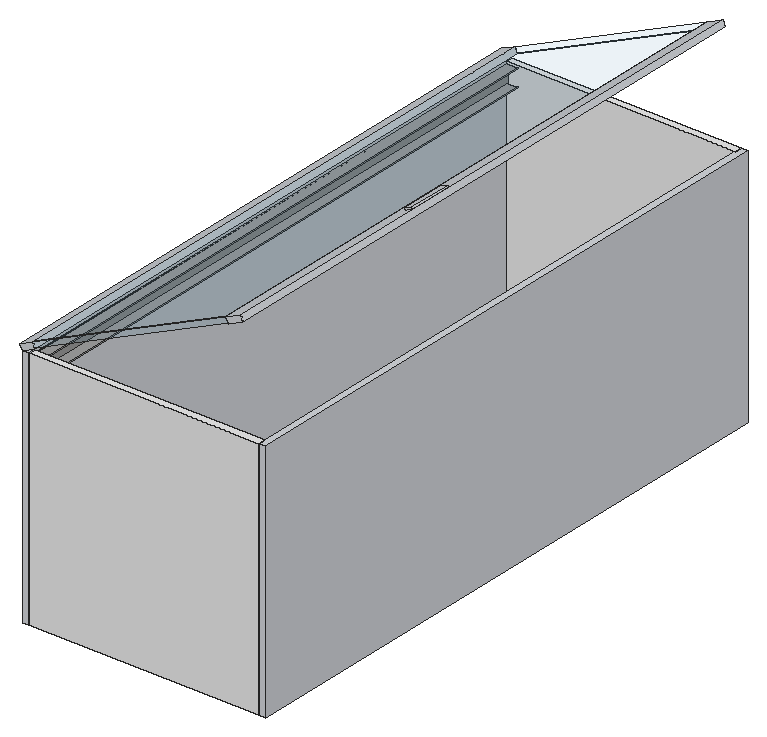
Revit family "Domotics-CablaggioStrutturato-GEWISS-QUADRI_PAVIMENTO_19_30U_P600", category Apparecchi elettrici, host Superficie, Revit 2019
Family settings
  Host = Superficie
  Mantenere orientamento annotazione = Sì
  Quota connettore circolare = Usa diametro
  Tipo di parte = Normale
  Numero OmniClass = 23.80.30.00
  Titolo OmniClass = Distribution Devices
  Taglio con vuoti quando caricato = No
  Condiviso = No
  Punto di calcolo locali = Sì
Parameters (values of type "GW38452 - ARMADIO DA PAVIMENTO 19 30U 600x600MM")
  simbolo in pianta [instance] = yes
  n_poli = 1
  barra din = yes
  Visibilità sportello [instance] = yes
  Versione file RFA = "21.2"
  UnitÃ  di cablaggio = "30 U"
  URL = "https://www.gewiss.com/it/it"
  Tipologia porta = "Reversibile"
  Scheda Tecnica = "https://www.gewiss.com/it/it/search?q=GW38452"
  SEO = "Armadio LAN"
  Prospetto di default = 900 mm
  ProfonditÃ  (mm) = "600 mm"
  Produttore = "GEWISS S.p.A."
  Portata statica = "1000KG"
  Nome quadro [instance] = "n.quadro"
  N. montanti = "2"
  Modello = "GW38452"
  Materiale = "Acciaio"
  Immagine tipo = C.jpg
  IDT = "39e0a6a38c734b9c98aba4b4c497b8be"
  IDF = "85012eda-62a1-487c-af3f-200afc351462"
  Grado di protezione = "IP20"
  Finitura = "Bucciata"
  Distanza_x [instance] = 300 mm
  Distanza simbolo [instance] = 0 mm
  Distanza effettiva x [instance] = 1000 mm - Distanza_x  # 700 mm
  Dim. esterne BxHxP (mm) = "600x1485x600"
  Descrizione = "ARMADIO DA PAVIMENTO 19 30U 600x600MM"
  Creato da GEWISS S.p.A. = ""
  Colore = "Grigio (RAL 7035)"
  Codice Electrocod = "3752"
  Categoria = "Armadio da pavimento 19\""
  Catalogo = "DOMOTICS"
  COBie.Tagnumber = ""
  COBie.CreatedOn = ""
  COBie.CreatebBy = ""
  COBie.ComponentRegisterItemID = ""
  COBie.Component.TagNumber = ""
  COBie.Component.Space = ""
  COBie.Component.SerialNumber = ""
  COBie.Component.InstallationDate = ""
  COBie.Component.Description = ""
  COBie.Component.BarCode = ""
  Apertura porta = "135°"
  Apertura [instance] = 25.00°
Reference planes
  plane 1 "Centro (Fronte/Retro)": y = 0
  plane 2: z = 0
  plane 3 "Centro (Sinistra/Destra)": x = 0
  plane 4: x = -1380.34
  plane 5: x = -680.34
Forms (mm)
  Extrusion 1, solid, detail levels coarse
    sketch origin (0, 0, 0) x (1, 0, 0) y (0, 1, 0)
      loop
        line (583.5, 0) -> (583.5, 1485) -> (-16.5, 1485) -> (-16.5, 0) -> (583.5, 0)
    from 0 to 600
Dimensions and locks
  plane 4 to plane 3 "Centro (Sinistra/Destra)" = 1380.34 mm
  "Distanza effettiva x": plane 4 to plane 5
  aligned and locked: host face to plane 2
  aligned and locked: host face to level
  aligned and locked: plane 1 "Centro (Fronte/Retro)" to nested 1
  aligned and locked: nested 2 to plane 5
  aligned and locked: Extrusion 1 sketch curve to nested 1  (x4)
  aligned and locked: Extrusion 1 to nested 1
  aligned and locked: plane 3 "Centro (Sinistra/Destra)" to nested 1
Automatic sketch dimensions
  host sketch curve to host sketch curve = 3398.537 mm
  host sketch curve to host sketch curve = 3619.2 mm
Nested families
  nested 1: "DATACENTER ARMADIO PARETE 30U P600mm_base" at (-16.5, 0, 0), Apertura <- "Apertura", Sportello <- "Visibilità sportello", visible <- "Visibilità sportello", Barra din <- "barra din", Sportello visibile <- "Visibilità sportello", type "DATACENTER ARMADIO PARETE 30U P600mm_base", detail levels medium+fine
    with Sportello visibile yes, Sportello yes, Barra din yes, Apertura 25.00°
  nested 2: "DATACENTERsimbolo" at (-680.34, 911.19, 0), Distanza dal muro <- "Distanza simbolo", SIMBOLO ACCESO <- "simbolo in pianta", visible <- "simbolo in pianta", type "3P"
    with SIMBOLO ACCESO yes, Distanza dal muro 0 mm
Connectors
  electrical at (283.5, 742.5, 0), driven by "n_poli"
    settings: on nested 1, index 1, voltage 0 V, apparent load 0 VA, apparent load phase1 0 VA, apparent load phase2 0 VA, apparent load phase3 0 VA, power factor 1, load classification "Altro", number of poles 1, system type 31, power factor state 1, is connector primary yes, connector utility no, sub classification motor no, connector description ""
Definition of nested family "DATACENTER ARMADIO PARETE 30U P600mm_base"
  Parameters (values of type "DATACENTER ARMADIO PARETE 30U P600mm_base")
    Struttura = none
    Sportello_vetro = none
    Sportello visibile [instance] = yes
    Sportello lato = none
    Sportello [instance] = yes
    Profondità quadro = 600 mm  # constant formula
    L_quadro = 600 mm  # constant formula
    Barra din [instance] = yes
    Altezza quadro = 1485 mm  # constant formula
    Apertura [instance] = 45.00°
  Reference planes
    plane 1 "Centro (Fronte/Retro)": y = 0
    plane 2: z = 0
    plane 3 "Centro (Sinistra/Destra)": x = 0
    plane 4: x = 600
    plane 5: y = 1485
    plane 6: x = 16.5
    plane 7: y = 1468.5
    plane 8: y = 16.5
    plane 9: x = 583.5
    plane 10: z = 600
    plane 11: z = 16.5
    plane 12: x = 46.5
    plane 13: x = 18.5
    plane 14: z = 596
    plane 15: z = 551
    plane 16: z = 594
    plane 17: x = 20.5
    plane 18: z = 553
    plane 19: x = 44.5
    plane 20: z = 18.5
    plane 21: z = 63.5
    plane 22: z = 61.5
    plane 23: z = 20.5
  Forms (mm)
    Extrusion 1, solid, material <- "Struttura"
      sketch origin (0, 0, 0) x (1, 0, 0) y (0, 1, 0)
        loop
          line (16.5, 1468.5) -> (583.5, 1468.5) -> (583.5, 1485) -> (16.5, 1485) -> (16.5, 1468.5)
      from 0 to 600
    Extrusion 2, solid
      sketch origin (0, 0, 0) x (1, 0, 0) y (0, 1, 0)
        loop
          line (16.5, 1468.5) -> (16.5, 16.5) -> (583.5, 16.5) -> (583.5, 1468.5) -> (16.5, 1468.5)
      from 0 to 16.5
    Extrusion 3, solid
      sketch origin (382.272, 0, 982.272) x (-0.707107, 0, -0.707107) y (0, -1, 0)
        loop
          line (-59.386, 0) -> (-59.386, -1485) -> (-20.759, -1485) -> (-20.759, 0) -> (-59.386, 0)
        loop
          line (540.614, -1485) -> (540.614, 0) -> (506.604, 0) -> (506.604, -1485) -> (540.614, -1485)
      from 0 to 15
    Extrusion 4, solid, material <- "Sportello_vetro", visible <- "Sportello visibile"
      sketch origin (382.272, 0, 982.272) x (-0.707107, 0, -0.707107) y (0, -1, 0)
        loop
          line (506.604, 0) -> (-20.759, 0) -> (-20.759, -1485) -> (506.604, -1485) -> (506.604, 0)
      from 0 to 15
    Extrusion 5, solid
      sketch origin (0, 0, 0) x (1, 0, 0) y (0, 1, 0)
        loop
          line (0, 1485) -> (0, 0) -> (16.5, 0) -> (16.5, 1485) -> (0, 1485)
        loop
          line (600, 0) -> (600, 1485) -> (583.5, 1485) -> (583.5, 0) -> (600, 0)
      from 0 to 600
    Extrusion 6, solid, material <- "Struttura"
      sketch origin (0, 400, 0) x (1, 0, 0) y (0, 1, 0)
        loop
          line (16.5, -383.5) -> (16.5, -400) -> (583.5, -400) -> (583.5, -383.5) -> (16.5, -383.5)
      from 0 to 600
    Extrusion 7, solid
      sketch origin (382.272, 0, 982.272) x (-0.707107, 0, -0.707107) y (0, -1, 0)
        loop
          line (-33.539, -647.5) -> (-33.539, -537.5) -> (-52.092, -537.5) -> (-52.092, -647.5) -> (-33.539, -647.5)
      from 2.698 to 17.686
    Extrusion 8, solid, visible <- "Barra din"
      sketch origin (0, 0, 0) x (1, 0, 0) y (0, 0, 1)
        loop
          line (46.5, 596) -> (18.5, 596) -> (18.5, 551) -> (46.5, 551) -> (46.5, 553) -> (20.5, 553) -> (20.5, 594) -> (46.5, 594) -> (46.5, 596)
      from -1468.5 to -16.5
    Extrusion 9, solid, visible <- "Barra din"
      sketch origin (0, 0, 600) x (1, 0, 0) y (0, 0, 1)
        loop
          line (46.5, -581.5) -> (46.5, -579.5) -> (20.5, -579.5) -> (20.5, -538.5) -> (46.5, -538.5) -> (46.5, -536.5) -> (18.5, -536.5) -> (18.5, -581.5) -> (46.5, -581.5)
      from -1468.5 to -16.5
  Lines and regions (mm)
    reference lines
      curve 1: line (382.272, 0, 982.272) -> (0, 0, 600)
  Dimensions and locks
    "L_quadro": plane 3 "Centro (Sinistra/Destra)" to plane 4
    "Altezza quadro": plane 1 "Centro (Fronte/Retro)" to plane 5
    locked: plane 5 to plane 7 at 16.5
    locked: plane 9 to plane 4 at 16.5
    locked: plane 3 "Centro (Sinistra/Destra)" to plane 6 at 16.5
    locked: plane 1 "Centro (Fronte/Retro)" to plane 8 at 16.5
    "Profondità quadro": plane 10 to plane 2
    locked: plane 11 to level at 16.5
    locked: plane 6 to plane 12 at 30
    locked: Extrusion 3 sketch curve to Extrusion 3 sketch curve at 38.628
    locked: Extrusion 3 sketch curve to Extrusion 3 sketch curve at 34.009
    "L_quadro": Extrusion 3 sketch curve to Extrusion 3 sketch curve
    "Altezza quadro": Extrusion 3 sketch curve to Extrusion 3 sketch curve  (x2)
    "Altezza quadro": Extrusion 4 sketch curve to Extrusion 4 sketch curve
    Extrusion 7 sketch curve to Extrusion 7 sketch curve = 18.553 mm
    Extrusion 3 to Extrusion 3 = 1485 mm
    locked: plane 13 to plane 6 at 2
    locked: plane 10 to plane 14 at 4
    locked: plane 14 to plane 16 at 2
    locked: plane 18 to plane 15 at 2
    locked: plane 14 to plane 15 at 45
    locked: plane 23 to plane 20 at 2
    "Apertura": angle plane 10 to curve 1
    aligned and locked: level to plane 2
    aligned and locked: Extrusion 1 sketch curve to plane 7
    aligned and locked: Extrusion 1 sketch curve to plane 5
    aligned and locked: Extrusion 1 sketch curve to plane 6
    aligned and locked: plane 9 to Extrusion 1 sketch curve
    aligned and locked: plane 10 to Extrusion 1
    aligned and locked: Extrusion 2 sketch curve to plane 6
    aligned and locked: Extrusion 2 sketch curve to plane 7
    aligned and locked: Extrusion 2 sketch curve to plane 9
    aligned and locked: Extrusion 2 sketch curve to plane 8
    aligned and locked: plane 11 to Extrusion 2
    aligned and locked: curve 1 to Extrusion 1
    aligned and locked: plane 10 to curve 1
    aligned and locked: Extrusion 3 sketch curve to plane 5
    aligned and locked: Extrusion 3 sketch curve to plane 1 "Centro (Fronte/Retro)"
    aligned and locked: Extrusion 4 sketch curve to curve 1
    aligned and locked: Extrusion 4 sketch curve to Extrusion 3  (x2)
    aligned and locked: Extrusion 5 sketch curve to plane 3 "Centro (Sinistra/Destra)"
    aligned and locked: Extrusion 5 sketch curve to plane 6
    aligned and locked: Extrusion 5 sketch curve to plane 4
    aligned and locked: Extrusion 5 sketch curve to plane 9
    aligned and locked: Extrusion 5 sketch curve to plane 5
    aligned and locked: Extrusion 5 sketch curve to plane 1 "Centro (Fronte/Retro)"
    aligned and locked: plane 10 to Extrusion 5
    aligned and locked: plane 8 to Extrusion 6 sketch curve
    aligned and locked: plane 1 "Centro (Fronte/Retro)" to Extrusion 6 sketch curve
    aligned and locked: plane 9 to Extrusion 6 sketch curve
    aligned and locked: plane 6 to Extrusion 6 sketch curve
    aligned and locked: Extrusion 8 sketch curve to plane 14
    aligned and locked: Extrusion 8 sketch curve to plane 13
    aligned and locked: Extrusion 8 sketch curve to plane 15
    aligned and locked: Extrusion 8 sketch curve to plane 18
    aligned and locked: Extrusion 8 sketch curve to plane 17
    aligned and locked: Extrusion 8 sketch curve to plane 12
    aligned and locked: Extrusion 8 sketch curve to plane 16
    aligned and locked: Extrusion 8 to Extrusion 1
    aligned and locked: Extrusion 8 to Extrusion 6
    aligned and locked: plane 21 to Extrusion 9 sketch curve
    aligned and locked: plane 22 to Extrusion 9 sketch curve
    aligned and locked: plane 23 to Extrusion 9 sketch curve
    aligned and locked: plane 20 to Extrusion 9 sketch curve
    aligned and locked: plane 17 to Extrusion 9 sketch curve
    aligned and locked: plane 13 to Extrusion 9 sketch curve
    aligned and locked: Extrusion 2 to Extrusion 9
    aligned and locked: Extrusion 9 to Extrusion 1
    aligned and locked: Extrusion 6 to Extrusion 1
  Automatic sketch dimensions
    plane 1 "Centro (Fronte/Retro)" to Extrusion 5 sketch curve = 0 mm
    Extrusion 5 sketch curve to plane 5 = 0 mm
    Extrusion 7 sketch curve to curve 1 = 52.092 mm
    Extrusion 7 sketch curve to Extrusion 7 sketch curve = 18.553 mm
    Extrusion 7 sketch curve to curve 1 = 647.5 mm
    Extrusion 7 sketch curve to curve 1 = 537.5 mm
    Extrusion 8 sketch curve to plane 12 = 0 mm
    Extrusion 9 sketch curve to plane 12 = 0 mm  (x2)
    curve 1 to plane 3 "Centro (Sinistra/Destra)" = 0 mm
    Extrusion 3 sketch curve to curve 1 = 0 mm
Definition of nested family "DATACENTERsimbolo"
  Parameters (values of type "3P")
    SIMBOLO ACCESO [instance] = yes
    Distanza dal muro [instance] = 0 mm
  Reference planes
    plane 1: y = 0
    plane 2: x = 0
  Dimensions and locks
    "Distanza dal muro": plane 1 to nested 1
    aligned and locked: plane 2 to nested 1
  Nested families
    nested 1: "DATACENTERsimbolo.base" at (0, 0, 0), type "3P"
      with CORNICE SIMBOLO yes
  Definition of nested family "DATACENTERsimbolo.base"
    Parameters (values of type "3P")
      Testo = ""
      CORNICE SIMBOLO [instance] = yes
      3P = yes
    Reference planes
      plane 1: y = 0
      plane 2: x = 0
    Lines and regions (mm)
      detail lines
        curve 1: line (6.852, 3.426, 0) -> (8.859, 3.426, 0)
        curve 2: line (8.859, 3.426, 0) -> (8.859, 0, 0)
        curve 3: line (8.859, 0, 0) -> (6.852, 0, 0)
        curve 4: line (6.852, 0, 0) -> (0, 3.426, 0)
        curve 5: line (0, 3.426, 0) -> (3.027, 3.426, 0)
        curve 6: line (3.027, 3.426, 0) -> (6.852, 3.426, 0)
        curve 7: line (6.852, 3.426, 0) -> (6.852, 0, 0)
        curve 8: line (6.852, 0, 0) -> (0, 0, 0)
        curve 9: line (0, 0, 0) -> (0, 3.426, 0)
        curve 10: line (7.856, 1.713, 0) -> (7.856, 2.67, 0)
        curve 11: line (8.526, 0.756, 0) -> (8.526, 1.713, 0)
        curve 12: line (8.526, 1.713, 0) -> (7.185, 1.713, 0)
        curve 13: line (7.185, 1.713, 0) -> (7.185, 0.756, 0)
    Text (mm)
      label "RJ" at (7.87, 1.29, 0), shows "Testo"
    Nested families
      nested 1: "testo_simb" at (7.89, 1.134, 0), type "3P"
        with SIMBOLO ACCESO yes, Distanza dal muro 0 mm
      nested 2: "testo_simb" at (7.855, 0, 0), type "3P"
        with SIMBOLO ACCESO yes, Distanza dal muro 0 mm
      nested 3: "testo_simb" at (7.855, 0, 0), type "3P"
        with SIMBOLO ACCESO yes, Distanza dal muro 0 mm
      nested 4: "testo_simb" at (7.855, 0, 0), type "3P"
        with SIMBOLO ACCESO yes, Distanza dal muro 0 mm
      nested 5: "testo_simb" at (7.855, 0, 0), type "3P"
        with SIMBOLO ACCESO yes, Distanza dal muro 0 mm
    Definition of nested family "testo_simb"
      Parameters (values of type "3P")
        testo simb = ""
        SIMBOLO ACCESO [instance] = yes
        Distanza dal muro [instance] = 0 mm
      Reference planes
        plane 1: y = 0
        plane 2: x = 0
      Text (mm)
        label "RJ" at (0.02, 0.123, 0), shows "testo simb"
